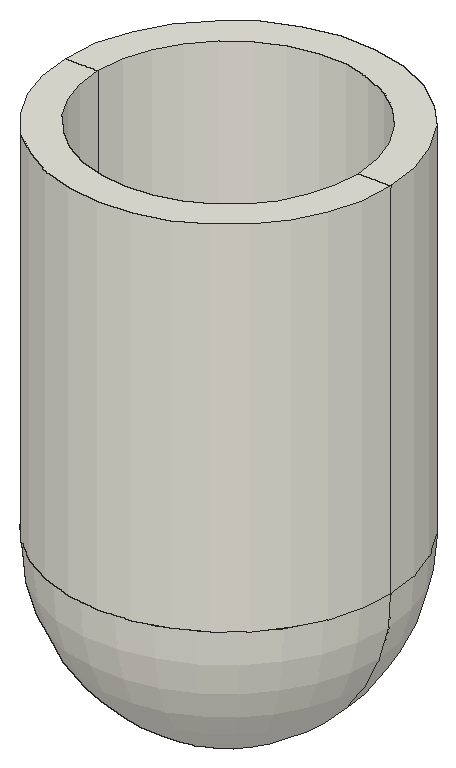
Revit family "Specialty_Equipment-Fiberstone_Planter-Stone_Yard-Barro-Round", category Specialty Equipment, Revit 2023
Family settings
  Round Connector Dimension = Use Diameter
  Part Type = Normal
  OmniClass Number = 23.40.05.21.17
  OmniClass Title = Planters
  Work Plane-Based = No
  Enable Cutting in Views = No
  Always vertical = Yes
  Cut with Voids When Loaded = No
  Maintain Annotation Orientation = No
  Shared = No
  Room Calculation Point = No
Parameters (values of type "10"Dia x 12"H")
  URL = "https://stoneyardinc.com/"
  Type Comments = "Round Planter"  # constant formula
  Model = "Barro Planter"  # constant formula
  Manufacturer = "Stone Yard"  # constant formula
  Description = "Barro Planter"  # constant formula
  Default Elevation = 0.0"
  CD_Specification = "https://stoneyardinc.com/content/Barro-Planter-Tearsheet.pdf"
  CD_Fillet Height = CD_Height * 0.4  # 4.8"
  CD_Product Page URL = "https://stoneyardinc.com/barro-planter/"
  CD_Product Name [instance] = "Barro Planter"  # constant formula
  CD_Microsite = "https://www.caddetails.com/3404"
  CD_Height = 12.0"
  CD_Finish = Concrete-Fiberstone-Carlsbad-Chalk
  CD_Diameter = 10.0"
  CD_Created By = "CADdetails LTD. 2025"  # constant formula
  Assembly Code = "G2050600"
Reference planes (in)
  plane 1 "Center (Front/Back)": y = 0
  plane 2 "Bottom": z = 0
  plane 3 "Center (Left/Right)": x = 0
  plane 4 "Back": y = 5
  plane 5 "Front": y = -5
  plane 6 "Top": z = 16
  plane 7 "Left": x = -5
  plane 8 "Right": x = 5
  plane 9 "Base Plate Front": y = -1.575
  plane 10 "Base Plate Back": y = 1.575
  plane 11 "Pad 1": y = -0.925
  plane 12 "Pad 4": y = 0.925
  plane 13 "Axis 1": z = 4.8
  plane 14 "Axis 3": z = 1.0718
Forms (in)
  Revolve 1, solid, material "Concrete-Fiberstone-Carlsbad-Chalk" <- "CD_Finish"
    sketch origin (14.41429, 0, 0) x (1, 0, 0) y (0, 0, 1)
      loop
        line (-10.41429, 16) -> (-10.41429, 4.8) -> (-14.41429, 1.0718) -> (-14.41429, 0) -> (-12.26429, 0)
        arc (-12.26429, 0) -> (-10.18048, 2.00883) -> (-9.41429, 4.8) r 5.46711
        line (-9.41429, 4.8) -> (-9.41429, 16) -> (-10.41429, 16)
      axis (-14.41429, 16) -> (-14.41429, 0)
    angle from 0 to 360
Dimensions and locks (in)
  equal spacing: plane 5 "Front", plane 1 "Center (Front/Back)", plane 4 "Back"
  equal spacing: plane 7 "Left", plane 3 "Center (Left/Right)", plane 8 "Right"
  "CD_Diameter": plane 8 "Right" to plane 7 "Left"
  plane 7 "Left" to plane 8 "Right" = 10.0"
  "CD_Diameter": plane 5 "Front" to plane 4 "Back"
  equal spacing: plane 8 "Right", plane 3 "Center (Left/Right)", plane 7 "Left"
  plane 9 "Base Plate Front" to plane 10 "Base Plate Back" = 3.15"
  equal spacing: plane 9 "Base Plate Front", plane 1 "Center (Front/Back)", plane 10 "Base Plate Back"
  locked: plane 11 "Pad 1" to plane 10 "Base Plate Back" at 2.5
  locked: plane 9 "Base Plate Front" to plane 12 "Pad 4" at 2.5
  locked: plane 8 "Right" to Revolve 1 sketch curve at 1
  "CD_Fillet Height": plane 13 "Axis 1" to level
  locked: plane 14 "Axis 3" to level at 1.0718
  aligned and locked: plane 2 "Bottom" to level
  aligned and locked: plane 8 "Right" to Revolve 1 sketch curve
  aligned and locked: plane 6 "Top" to Revolve 1  (x2)
  aligned and locked: Revolve 1 sketch curve to level
  aligned and locked: Revolve 1 sketch curve to plane 3 "Center (Left/Right)"
  aligned and locked: plane 13 "Axis 1" to Revolve 1 sketch curve  (x2)
  aligned and locked: plane 14 "Axis 3" to Revolve 1 sketch curve
Automatic sketch dimensions
  Revolve 1 sketch curve to plane 3 "Center (Left/Right)" = 0.0"
  Revolve 1 sketch curve to plane 6 "Top" = 0.0"
  Revolve 1 sketch curve to plane 3 "Center (Left/Right)" = 0.46711"
  plane 13 "Axis 1" to Revolve 1 sketch curve = 1.87393"
  plane 6 "Top" to Revolve 1 sketch curve = 18.87393"
Types in the file's own list only (10): name | CD_Fillet Height | CD_Height | CD_Diameter
  16"Dia x 18"H | 7.2" | 18.0" | 16.0"
  16"Dia x 20"H | 8.0" | 20.0" | 16.0"
  19"Dia x 28"H | 11.2" | 28.0" | 19.0"
  21"Dia x 21"H | 8.4" | 21.0" | 21.0"
  21"Dia x 24"H | 9.6" | 24.0" | 21.0"
  24"Dia x 29"H | 11.6" | 29.0" | 24.0"
  28"Dia x 44"H | 17.6" | 44.0" | 28.0"
  31.5"Dia x 24"H | 9.6" | 24.0" | 31.5"
  31.5"Dia x 35"H | 14.0" | 35.0" | 31.5"
  54"Dia x 34"H | 13.6" | 34.0" | 54.0"
